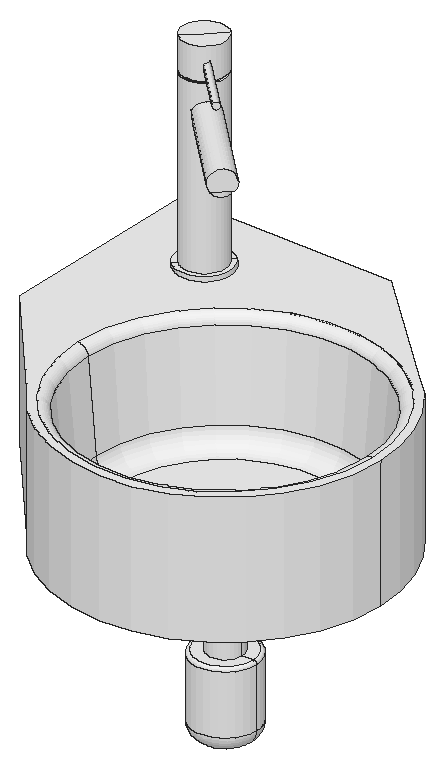
Revit family
Parameters
  Vis - Trap = yes
  Tap Height = 200 mm
  Sink Height = 125 mm
  Material Taps and Fittings = Metal - Chrome Polished
  Material Sink = Porcelain
  Manufacturer = "Revit"
  Assembly Code = ""
Reference planes
  plane 1 "Center (Front/Back)": y = 10
  plane 2: z = 0
  plane 3 "Center (Left/Right)": x = 24.85
  plane 4: y = -210
  plane 5: through (24.85, -200, 4000) normal (-0.7071, -0.7071, 0)
Forms (mm)
  Revolve 1, solid, material "Porcelain" <- "Material Sink"
    sketch origin (-373.715, -210, 4000) x (-1, 0, 0) y (0, 0, 1)
      loop
        line (-381.565, -4000) -> (-248.565, -4000) -> (-248.565, -3875) -> (-256.589, -3875)
        arc (-256.589, -3875) -> (-263.345, -3877.627) -> (-266.551, -3884.128) r 10
        line (-266.551, -3884.128) -> (-273.779, -3966.743)
        arc (-273.779, -3966.743) -> (-280.191, -3979.746) -> (-293.703, -3985) r 20
        line (-293.703, -3985) -> (-376.565, -3985) -> (-376.565, -3986.535) -> (-381.565, -3986.535) -> (-381.565, -4000)
      axis (-398.565, -4000) -> (-398.565, -3875)
    angle from 0 to 360
  Revolve 2, solid, material "Metal - Chrome Polished" <- "Material Taps and Fittings"
    sketch origin (-373.715, -210, 4000) x (-1, 0, 0) y (0, 0, 1)
      loop
        line (-384.827, -3985) -> (-384.827, -3996.275) -> (-398.565, -3996.275) -> (-398.565, -4000) -> (-381.565, -4000) -> (-381.565, -3986.535) -> (-376.565, -3986.535) -> (-376.565, -3985) -> (-384.827, -3985)
      axis (-398.565, -4000) -> (-398.565, -3985)
    angle from 0 to 360
  Extrusion 3, solid, material "Porcelain" <- "Material Sink"
    sketch origin (0, 0, 0) x (1, 0, 0) y (0, 1, 0)
      loop
        line (116.774, -91.467) -> (8.698, 10) -> (-195.15, 10) -> (-195.15, -181.893) -> (-100.875, -291.812)
        arc (-100.875, -291.812) -> (-118.953, -252.669) -> (-125.15, -210) r 150
        arc (-125.15, -210) -> (-41.148, -75.299) -> (116.774, -91.467) r 150
    from 0 to 125
  Revolve 4, solid, material "Metal - Chrome Polished" <- "Material Taps and Fittings", visible <- "Vis - Trap"
    sketch origin (-373.715, -210, 4000) x (-1, 0, 0) y (0, 0, 1)
      loop
        line (-398.565, -4000) -> (-398.565, -4165) -> (-383.565, -4165)
        arc (-383.565, -4165) -> (-372.959, -4160.607) -> (-368.565, -4150) r 15
        line (-368.565, -4150) -> (-368.565, -4093)
        arc (-368.565, -4093) -> (-369.444, -4090.879) -> (-371.565, -4090) r 3
        line (-371.565, -4090) -> (-382.413, -4090) -> (-382.413, -4000) -> (-398.565, -4000)
      axis (-398.565, -4165) -> (-398.565, -4000)
    angle from 0 to 360
  Sweep 5, solid, material "Metal - Chrome Polished" <- "Material Taps and Fittings", visible <- "Vis - Trap"
    path origin (0, 0, 0) x (1, 0, 0) y (0, 1, 0)
      loop
        line (24.85, -200) -> (-185.15, 10)
    profile origin (-80.15, -95, 0) x (-0.707107, -0.707107, 0) y (0, 0, 1)
      loop
        circle (0, -133.343) r 20
Cuts and joins
  joined: Revolve 1, Extrusion 3
  joined: Revolve 4, Sweep 5
Lines and regions (mm)
  symbolic lines
    curve 1: arc (-62.87, -128.115, 0) -> (104.833, -299.458, 0) -> (-46.745, -113.697, 0) r 120
Dimensions and locks
  locked: plane 3 "Center (Left/Right)" to Revolve 1 sketch curve at 150
  Extrusion 3 sketch curve to plane 3 "Center (Left/Right)" = 220 mm
  locked: plane 1 "Center (Front/Back)" to plane 4 at 220
  locked: cut or joined group of Revolve 1, Extrusion 3 to plane 3 "Center (Left/Right)" at 220
  "Sink Height": Revolve 1 sketch curve to level
  radius of Revolve 1 sketch curve = 10 mm
  aligned and locked: Revolve 1 to Extrusion 3
  aligned and locked: nested 1 to cut or joined group of Revolve 1, Extrusion 3
  aligned and locked: nested 1 to plane 5
  aligned and locked: Sweep 5 sketch curve to plane 5
Automatic sketch dimensions
  Revolve 1 sketch curve to plane 3 "Center (Left/Right)" = 0 mm
  Revolve 1 sketch curve to level = 0 mm
  Revolve 1 sketch curve to plane 3 "Center (Left/Right)" = 17 mm
  Revolve 1 sketch curve to Revolve 1 sketch curve = 5 mm
  level to Revolve 1 sketch curve = 15 mm
  Revolve 1 sketch curve to Revolve 1 sketch curve = 45.138 mm
  level to Revolve 1 sketch curve = 33.257 mm
  Revolve 1 sketch curve to Revolve 1 sketch curve = 19.924 mm
  Revolve 1 sketch curve to Revolve 1 sketch curve = 8.024 mm
  Revolve 1 sketch curve to level = 50 mm
  Revolve 1 sketch curve to Revolve 1 sketch curve = 1.535 mm
  Revolve 1 sketch curve to Revolve 1 sketch curve = 41.535 mm
  Revolve 1 sketch curve to Revolve 1 sketch curve = 0.872 mm
  Revolve 2 sketch curve to level = 0 mm
  Revolve 2 sketch curve to plane 3 "Center (Left/Right)" = 0 mm  (x2)
  level to Revolve 2 sketch curve = 3.725 mm
  Revolve 2 sketch curve to Revolve 2 sketch curve = 13.738 mm
  Revolve 2 sketch curve to Revolve 2 sketch curve = 3.262 mm
  Revolve 2 sketch curve to Revolve 2 sketch curve = 5 mm
  Revolve 2 sketch curve to level = 6.992 mm
  Revolve 2 sketch curve to Revolve 2 sketch curve = 9.74 mm
  Revolve 2 sketch curve to Revolve 2 sketch curve = 1.535 mm
  Revolve 2 sketch curve to Revolve 2 sketch curve = 12.012 mm
  Extrusion 3 sketch curve to Extrusion 3 sketch curve = 0 mm  (x4)
  Extrusion 3 sketch curve to plane 4 = 0 mm
  Extrusion 3 sketch curve to plane 1 "Center (Front/Back)" = 0 mm
  Extrusion 3 sketch curve to plane 3 "Center (Left/Right)" = 0 mm
  Extrusion 3 sketch curve to Extrusion 3 sketch curve = 70 mm
  Extrusion 3 sketch curve to plane 4 = 81.812 mm
  Extrusion 3 sketch curve to plane 3 "Center (Left/Right)" = 16.152 mm
  plane 3 "Center (Left/Right)" to Extrusion 3 sketch curve = 91.924 mm
  plane 4 to Extrusion 3 sketch curve = 28.107 mm
  Revolve 4 sketch curve to plane 3 "Center (Left/Right)" = 0 mm  (x2)
  Revolve 4 sketch curve to level = 0 mm
  Revolve 4 sketch curve to Revolve 4 sketch curve = 15 mm  (x2)
  Revolve 4 sketch curve to plane 3 "Center (Left/Right)" = 16.152 mm
  Revolve 4 sketch curve to Revolve 4 sketch curve = 10.848 mm
  Revolve 4 sketch curve to level = 90 mm
  Revolve 4 sketch curve to Revolve 4 sketch curve = 57 mm
  Revolve 4 sketch curve to Revolve 4 sketch curve = 20 mm
  Revolve 4 sketch curve to Revolve 4 sketch curve = 50 mm
  Sweep 5 sketch curve to plane 1 "Center (Front/Back)" = 0 mm
  Sweep 5 sketch curve to plane 3 "Center (Left/Right)" = 0 mm
  Sweep 5 sketch curve to profile plane = 0 mm
  Sweep 5 sketch curve to level = 133.343 mm
  curve 1 to plane 3 "Center (Left/Right)" = 0 mm
  curve 1 to plane 4 = 0 mm
  curve 1 to plane 5 = 10.4 mm
  plane 5 to curve 1 = 11.197 mm
  radius of Sweep 5 sketch curve = 20 mm
  radius of curve 1 = 120 mm
Nested families
  nested 1: "UK_Mdrn Tap Style C" at (-116.571, -58.579, 125) x (0.7071, 0.7071, 0) z (0, 0, 1), type "UK_Mdrn Tap Style C"
    with Tap Height 200 mm, Spout Length 125 mm
Definition of nested family "UK_Mdrn Tap Style C"
  Parameters
    Tap Height = 350 mm
    Spout Length = 150 mm
    Material Tap = none
    Manufacturer = "Revit"
  Reference planes
    plane 1 "Center (Front/Back)": y = 0
    plane 2: z = 0
    plane 3 "Center (Left/Right)": x = 0
  Forms (mm)
    Revolve 1, solid, material <- "Material Tap"
      sketch origin (0, 0, 0) x (1, 0, 0) y (0, 0, 1)
        loop
          line (0, 0) -> (0, 350) -> (-20, 350) -> (-20, 320) -> (-18, 320) -> (-18, 318) -> (-20, 318) -> (-20, 4) -> (-25, 4) -> (-25, 0) -> (0, 0)
        axis (0, 0) -> (0, 350)
      angle from 0 to 360
    Extrusion 2, solid, material <- "Material Tap"
      sketch origin (0, 0, 0) x (1, 0, 0) y (0, 0, 1)
        loop
          circle (0, 333.268) r 3
      from 0 to 82.043
    Extrusion 3, solid, material <- "Material Tap"
      sketch origin (0, 0, 0) x (1, 0, 0) y (0, 0, 1)
        loop
          circle (0, 290.642) r 12
      from 0 to 150
    Extrusion 4, void
      sketch origin (0, 0, -1.47) x (0, -1, 0) y (0, 0, 1)
        loop
          line (150, 279.642) -> (150, 284.642) -> (125, 284.642) -> (125, 279.642) -> (150, 279.642)
      from -15.058 to 15.415
    Extrusion 5, solid, material <- "Material Tap"
      sketch origin (0, 0, 0) x (1, 0, 0) y (0, 1, 0)
        loop
          circle (0, -138.721) r 8
      from 277.072 to 283.172
  Cuts and joins
    Extrusion 4 cuts Revolve 1
    joined: Revolve 1, Extrusion 5
    Extrusion 4 cuts Extrusion 2
    Extrusion 4 cuts Extrusion 3
  Dimensions and locks
    "Tap Height": Revolve 1 sketch curve to level
    locked: Extrusion 4 sketch curve to Extrusion 4 sketch curve at 5
    locked: cut or joined group of Revolve 1, Extrusion 4, Extrusion 5 to Extrusion 5 at 6.1
    locked: cut or joined group of Revolve 1, Extrusion 4, Extrusion 5 to Extrusion 2 sketch curve at 16.732
    locked: cut or joined group of Revolve 1, Extrusion 4, Extrusion 5 to Extrusion 3 sketch curve at 59.358
    locked: cut or joined group of Revolve 1, Extrusion 4, Extrusion 5 to cut or joined group of Extrusion 3, Extrusion 4 at 66.828
    "Spout Length": cut or joined group of Extrusion 3, Extrusion 4 to plane 1 "Center (Front/Back)"
    locked: cut or joined group of Extrusion 3, Extrusion 4 to Extrusion 5 sketch curve at 11.279
    "Spout Length": Extrusion 4 sketch curve to plane 1 "Center (Front/Back)"
    aligned and locked: Extrusion 2 to plane 1 "Center (Front/Back)"
    aligned and locked: Extrusion 3 to plane 1 "Center (Front/Back)"
    aligned and locked: cut or joined group of Revolve 1, Extrusion 4, Extrusion 5 to Extrusion 5
  Automatic sketch dimensions
    Revolve 1 sketch curve to level = 0 mm
    Revolve 1 sketch curve to plane 3 "Center (Left/Right)" = 0 mm  (x2)
    Revolve 1 sketch curve to plane 3 "Center (Left/Right)" = 18 mm
    Revolve 1 sketch curve to Revolve 1 sketch curve = 2 mm  (x2)
    Revolve 1 sketch curve to Revolve 1 sketch curve = 0 mm
    Revolve 1 sketch curve to Revolve 1 sketch curve = 5 mm
    Revolve 1 sketch curve to level = 25 mm
    level to Revolve 1 sketch curve = 4 mm
    Revolve 1 sketch curve to Revolve 1 sketch curve = 32 mm
    Revolve 1 sketch curve to Revolve 1 sketch curve = 24 mm
    Extrusion 2 sketch curve to plane 3 "Center (Left/Right)" = 0 mm
    Extrusion 3 sketch curve to plane 3 "Center (Left/Right)" = 0 mm
    Extrusion 5 sketch curve to plane 3 "Center (Left/Right)" = 0 mm
    level to Extrusion 4 sketch curve = 278.172 mm
    Extrusion 4 sketch curve to Extrusion 4 sketch curve = 25 mm
    radius of Extrusion 2 sketch curve = 3 mm
    radius of Extrusion 3 sketch curve = 12 mm
    radius of Extrusion 5 sketch curve = 8 mm
